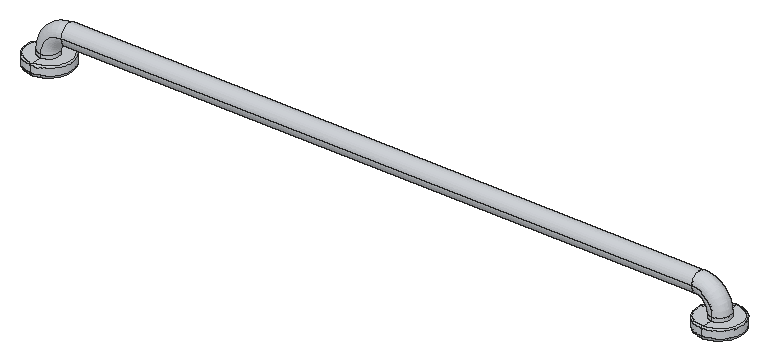
Revit family "Accessory-Grab_Bar-KOHLER-Contemporary-K-14565", category Specialty Equipment, host Face, Revit 2015
Parameters (values of type "S-Polished Stainless")
  Width = 2 3/4"  # constant formula
  WaterSense Certified = 1 = 0  # no
  URL = "https://www.us.kohler.com/us/"
  Type = 1
  Product Page URL = "http://www.us.kohler.com/us/catalog/productDetails.jsp?productNumber=14565"
  Product Name = "Contemporary"  # constant formula
  Product Documentation Link = "https://www.us.kohler.com/webassets/kpna/catalog/pdf/en/K-14565_spec.pdf"
  Model = if(Type = 1, "K-14565-S", if(Type = 2, "K-14565-BN", if(Type = 3, "K-14565-BS", if(Type = 4, "K-14565-TT", "NA"))))  # "K-14565-S"
  Material = " Premium Metal Construction "  # constant formula
  MasterFormat 2004 = "10.28.13"  # constant formula
  MasterFormat 1995 = "10820"  # constant formula
  Manufacturer Address = "444 Highland Dr, Kohler, WI 53044"  # constant formula
  Manufacturer = "KOHLER Co."  # constant formula
  Length = 42"  # constant formula
  Height = 2 13/16"  # constant formula
  Finish = Kohler-Metal-S-Polished_Stainless
  Environmental Product Declaration = ""
  Description = "42 Inch Grab Bar"  # constant formula
  Default Elevation = 42"
  Declare Label = ""
  Date Modified = "02/27/2019"  # constant formula
  Date Created = "02/27/2019"  # constant formula
  Copyright = "Copyright KOHLER Co."  # constant formula
  Contact Us = "https://www.us.kohler.com/us/static/contact.jsp"
  Assembly Code = "C1030200"
  ADA Compliant = 1 = 1  # yes
Types (5): name | Type | Model | Finish
  (no name) | 1 | "K-14565-S" | Kohler-Metal-S-Polished_Stainless
  S-Polished Stainless | 1 | "K-14565-S" | Kohler-Metal-S-Polished_Stainless
  BN-Vibrant Brushed Nickel | 2 | "K-14565-BN" | Kohler-Metal-BN-Vibrant_Brushed_Nickel
  BS-Brushed Stainless | 3 | "K-14565-BS" | Kohler-Metal-BS-Brushed_Stainless
  TT-Titanium | 4 | "K-14565-TT" | Kohler-Metal-TT-Vibrant_Titanium
Reference planes (in)
  plane 1 "Center (Front/Back)": y = 0
  plane 2: z = 0
  plane 3 "Center (Left/Right)": x = 0
  plane 4: x = -20.99892
  plane 5: x = 21.00108
  plane 6: y = 1.40625
  plane 7: z = 2.75
  plane 8: z = 1.5
  plane 9: z = 2.11074
  plane 10: y = -1.40625
  plane 11: x = -22.40517
  plane 12: x = -19.59267
  plane 13: x = 22.40517
  plane 14: x = 19.59267
Dimensions and locks (in)
  "Length": plane 5 to plane 4
  "Width": level to plane 7
  "Height": plane 6 to plane 10
  aligned and locked: plane 2 to host face
  aligned and locked: level to host face
Automatic sketch dimensions
  host sketch curve to host sketch curve = 96"  (x2)
Nested families (in)
  nested 1: "K-14565" at (0, 0, 0), type "K-14565"
Definition of nested family "K-14565"
  Parameters (values of type "K-14565")
    Material = none
  Reference planes (in)
    plane 1 "Center (Front/Back)": y = 0
    plane 2: z = 0
    plane 3 "Center (Left/Right)": x = 0
    plane 4: x = -20.99892
    plane 5: x = 21.00421
    plane 6: z = 2.75
    plane 7: y = 1.40625
    plane 8: z = 1.5
    plane 9: z = 2.11074
    plane 10: y = -1.40625
    plane 11: x = -22.40517
    plane 12: x = -19.59267
    plane 13: x = 22.40517
    plane 14: x = 19.59267
  Forms (in)
    Sweep 1, solid, material <- "Material", detail levels medium+fine
      path origin (-0.11705, 0, -0.011) x (1, 0, 0) y (0, 0, 1)
        loop
          line (-20.88187, 0.1067) -> (-20.88187, 0.87174)
          arc (-20.88187, 0.87174) -> (-20.51576, 1.75562) -> (-19.63187, 2.12174) r 1.25
          line (-19.63187, 2.12174) -> (19.86987, 2.12174)
          arc (19.86987, 2.12174) -> (20.75376, 1.75562) -> (21.11987, 0.87174) r 1.25
          line (21.11987, 0.87174) -> (21.11987, 0.1067)
      profile origin (0.00195, 0, 2.11074) x (0, 0, 1) y (0, -1, 0)
        loop
          circle (0.02378, -0.00202) r 0.61559
    Extrusion 2, solid, material <- "Material", detail levels coarse
      sketch origin (0, 0, 0) x (1, 0, 0) y (0, 1, 0)
        loop
          circle (21.00421, 0) r 1.40509
        loop
          circle (-20.99892, 0) r 1.40735
      from 0 to 2.75
    Revolve 3, solid, material <- "Material", detail levels medium+fine
      sketch origin (-20.99892, 0, 0) x (0, 1, 0) y (0, 0, 1)
        loop
          arc (1.4082, 0.57893) -> (1.3892, 0.62482) -> (1.34331, 0.64383) r 0.06489
          line (1.34331, 0.64383) -> (0, 0.64383) -> (0, -0.00003) -> (1.29072, -0.00003)
          arc (1.29072, -0.00003) -> (1.37379, 0.03438) -> (1.4082, 0.11745) r 0.11748
          line (1.4082, 0.11745) -> (1.4082, 0.57893)
        axis (0, -0.00003) -> (0, 0.64383)
      angle from 0 to 360
    Revolve 4, solid, material <- "Material", detail levels medium+fine
      sketch origin (21.00421, 0, 0) x (0, 1, 0) y (0, 0, 1)
        loop
          arc (1.4082, 0.57893) -> (1.3892, 0.62482) -> (1.34331, 0.64383) r 0.06489
          line (1.34331, 0.64383) -> (0, 0.64383) -> (0, 0) -> (1.28907, 0)
          arc (1.28907, 0) -> (1.37331, 0.03489) -> (1.4082, 0.11913) r 0.11913
          line (1.4082, 0.11913) -> (1.4082, 0.57893)
        axis (0, 0) -> (0, 0.64383)
      angle from 0 to 360
    Extrusion 5, solid, material <- "Material", detail levels coarse
      sketch origin (0, 0, 0) x (0, 1, 0) y (0, 0, 1)
        loop
          circle (0.00241, 2.13737) r 0.41983
      from -21.98807 to 21.919
  Cuts and joins
    joined: Sweep 1, Revolve 3, Revolve 4
    joined: Extrusion 2, Extrusion 5
  Lines and regions (in)
    Masking region 1
      outline origin (0, 0, 0) x (1, 0, 0) y (0, 0, 1)
        loop
          line (19.79066, 2.75) -> (-19.78285, 2.75)
          arc (-19.78285, 2.75) -> (-21.0922, 2.20765) -> (-21.63455, 0.8983) r 1.8517
          line (-21.63455, 0.8983) -> (-21.63455, 0.64274) -> (-22.35023, 0.64274)
          arc (-22.35023, 0.64274) -> (-22.38908, 0.62665) -> (-22.40517, 0.5878) r 0.05494
          line (-22.40517, 0.5878) -> (-22.40517, 0.11531)
          arc (-22.40517, 0.11531) -> (-22.3714, 0.03377) -> (-22.28986, 0) r 0.11531
          line (-22.28986, 0) -> (-19.70799, 0)
          arc (-19.70799, 0) -> (-19.62645, 0.03377) -> (-19.59267, 0.11531) r 0.11531
          line (-19.59267, 0.11531) -> (-19.59267, 0.5878)
          arc (-19.59267, 0.5878) -> (-19.60876, 0.62665) -> (-19.64761, 0.64274) r 0.05494
          line (-19.64761, 0.64274) -> (-20.39525, 0.64285) -> (-20.39525, 0.86873)
          arc (-20.39525, 0.86873) -> (-20.21036, 1.31511) -> (-19.76398, 1.5) r 0.63127
          line (-19.76398, 1.5) -> (19.76398, 1.5)
          arc (19.76398, 1.5) -> (20.21036, 1.31511) -> (20.39525, 0.86873) r 0.63127
          line (20.39525, 0.86873) -> (20.39525, 0.64285) -> (19.64761, 0.64285)
          arc (19.64761, 0.64285) -> (19.60876, 0.62665) -> (19.59267, 0.5878) r 0.05494
          line (19.59267, 0.5878) -> (19.59267, 0.11531)
          arc (19.59267, 0.11531) -> (19.62645, 0.03377) -> (19.70799, 0) r 0.11531
          line (19.70799, 0) -> (22.28986, 0)
          arc (22.28986, 0) -> (22.3714, 0.03377) -> (22.40517, 0.11531) r 0.11531
          line (22.40517, 0.11531) -> (22.40517, 0.5878)
          arc (22.40517, 0.5878) -> (22.38908, 0.62665) -> (22.35023, 0.64274) r 0.05494
          line (22.35023, 0.64274) -> (21.64236, 0.64274) -> (21.64236, 0.8983)
          arc (21.64236, 0.8983) -> (21.10001, 2.20765) -> (19.79066, 2.75) r 1.8517
    Masking region 2
      outline origin (0, 0, 0) x (0, 1, 0) y (0, 0, 1)
        loop
          arc (1.40625, 0.579) -> (1.3873, 0.62476) -> (1.34154, 0.64371) r 0.06471
          line (1.34154, 0.64371) -> (0.61674, 0.64371) -> (0.62101, 2.13451)
          arc (0.62101, 2.13451) -> (0.00283, 2.74998) -> (-0.61354, 2.13271) r 0.61728
          line (-0.61354, 2.13271) -> (-0.61354, 0.64383) -> (-1.33865, 0.64383)
          arc (-1.33865, 0.64383) -> (-1.38645, 0.62403) -> (-1.40625, 0.57623) r 0.0676
          line (-1.40625, 0.57623) -> (-1.40625, 0.11633)
          arc (-1.40625, 0.11633) -> (-1.37218, 0.03407) -> (-1.28992, 0) r 0.11633
          line (-1.28992, 0) -> (1.28918, 0)
          arc (1.28918, 0) -> (1.37196, 0.03429) -> (1.40625, 0.11707) r 0.11707
          line (1.40625, 0.11707) -> (1.40625, 0.579)
    Masking region 3
      outline origin (0, 0, 0) x (1, 0, 0) y (0, 1, 0)
        loop
          arc (-19.73554, 0.61759) -> (-22.40517, -0.00222) -> (-19.7336, -0.61359) r 1.40625
          line (-19.7336, -0.61359) -> (19.7336, -0.61359)
          arc (19.7336, -0.61359) -> (22.40517, -0.00222) -> (19.73554, 0.61759) r 1.40625
          line (19.73554, 0.61759) -> (-19.73554, 0.61759)
    symbolic lines, detail levels medium+fine
      curve 1: line (-21.64525, 0, 0.64285) -> (-20.39525, 0, 0.64285)
      curve 2: line (20.39525, 0, 0.64277) -> (21.64236, 0, 0.64279)
      curve 3: line (0, -0.61354, 0.64383) -> (0, 0.61674, 0.64371)
      curve 4: line (-20.99892, 0.60801, 0) -> (-19.72612, 0.6005, 0)
      curve 5: line (-20.99892, -0.60801, 0) -> (-19.72923, -0.60706, 0)
      curve 6: arc (-20.99892, -0.60801, 0) -> (-21.60693, 0, 0) -> (-20.99892, 0.60801, 0) r 0.60801
      curve 7: line (21.02764, 0.61759, 0) -> (19.74212, 0.61759, 0)
      curve 8: line (21.02846, -0.61187, 0) -> (19.74017, -0.61359, 0)
      curve 9: arc (21.02764, 0.61759, 0) -> (21.64237, 0.00327, 0) -> (21.02846, -0.61187, 0) r 0.61473
  Dimensions and locks (in)
    plane 4 to plane 5 = 42.00313"  (x2)
    plane 6 to level = 2 3/4"
    plane 8 to level = 1 1/2"
    plane 6 to plane 8 = 1 1/4"
    plane 7 to plane 10 = 2 13/16"
    plane 12 to plane 11 = 2 13/16"
    aligned and locked: plane 2 to level
